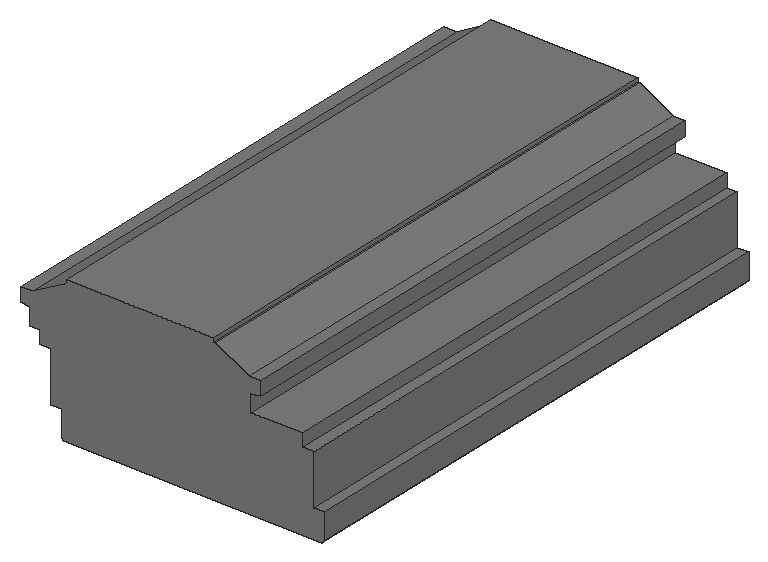
Revit family "HourdiBox PP Néo 120 Up 36 KW-1", category Equipement spécialisé, Revit 2016
Family settings
  Basée sur le plan de construction = Non
  Toujours verticalement = Oui
  Couper avec des vides une fois chargée = Non
  Partagée = Non
  Point de calcul de pièce = Non
Parameters (values of type "HourdiBox PP 120 Up 36")
  Up - SEAC GF 110 - SEAC GF 120 - SEAC GF 930 - SEAC GF 940 = 0.3600 W/(m·K)  # constant formula
  Up - RECTOR NR 130 = 0.3600 W/(m·K)  # constant formula
  Up - RECTOR NR 110 = 0.3500 W/(m·K)  # constant formula
  Up - LB7 - Série 1 = 0.3500 W/(m·K)  # constant formula
  Up - LB 7 - Série 2 = 0.3600 W/(m·K)  # constant formula
  Up - KP1 Leader 130 - KP1 Leader 140 = 0.3600 W/(m·K)  # constant formula
  Up - KP1 Leader 110 - KP1 Leader 115S - KP1 Leader x 110 = 0.3500 W/(m·K)  # constant formula
  Up - DURANDAL DF 110 - DURANDAL DF 130 - DURANDAL DF 140 = 0.3600 W/(m·K)  # constant formula
  URL = "http://www.isobox-isolation.fr/"
  Rp - SEAC GF 110 - SEAC GF 120 - SEAC GF 930 - SEAC GF 940 = 2.4500 (m²·K)/W  # constant formula
  Rp - RECTOR NR 110 = 2.5000 (m²·K)/W  # constant formula
  Rp - RECTOR NR 130 = 2.4000 (m²·K)/W  # constant formula
  Keynote = ""
  Model = "Entrevous 120 - UP 14 "  # constant formula
  Matériaux = Isolant PSE Entrevous
  Longueur = 1200 mm  # constant formula
  Largeur coupure 02 (base 10cm = 0) (par défaut) [instance] = 100 mm
  Largeur coupure 01 (base 10cm = 0) [instance] = 100 mm
  Longueur coupure (base 10cm = 0) [instance] = 100 mm
  Largeur = 688.5 mm  # constant formula
  Rp - LB7 - Série 1 = 2.5000 (m²·K)/W  # constant formula
  Rp - LB 7 - Série 2 = 2.4500 (m²·K)/W  # constant formula
  Rp - KP1 Leader 130 - KP1 Leader 140 = 2.4500 (m²·K)/W  # constant formula
  Rp - KP1 Leader 110 - KP1 Leader 115S - KP1 Leader x 110 = 2.5000 (m²·K)/W  # constant formula
  Fabricant = "Isobox"  # constant formula
  Epaisseur de languette = 45 mm  # constant formula
  Description = ""
  Rp - DURANDAL DF 110 - DURANDAL DF 130 - DURANDAL DF 140 = 2.4500 (m²·K)/W  # constant formula
  Coût = 0  # constant formula
Reference planes
  plane 1 "Centre (avant/arrière)": y = 0
  plane 2: z = 0
  plane 3 "Centre (gauche/droite)": x = 0
Forms (mm)
  Extrusion 1, solid, material "Isolant PSE Entrevous" <- "Matériaux"
    sketch origin (0, 0, 0) x (1, 0, 0) y (0, 0, 1)
      loop
        line (105.383, 0) -> (105.383, -9) -> (100.383, -9) -> (27.542, -50.647) -> (0, -50.647) -> (0, -82.012) -> (21.945, -84.319) -> (21.945, -122.995) -> (45, -122.995) -> (45, -152) -> (68.5, -152) -> (68.5, -266) -> (93.5, -266) -> (93.5, -325) -> (98.5, -330) -> (683.5, -330) -> (688.5, -325) -> (688.5, -266) -> (663.5, -266) -> (663.5, -152) -> (640, -152) -> (640, -123) -> (522.055, -123) -> (522.055, -84.319) -> (544, -82.012) -> (544, -50.647) -> (516.458, -50.647) -> (443.618, -9) -> (438.618, -9) -> (438.618, 0) -> (105.383, 0)
    from 0 to 1200
  Extrusion 2, void
    sketch origin (0, 0, 0) x (1, 0, 0) y (0, 1, 0)
      loop
        line (788.5, 0) -> (688.5, 0) -> (688.5, -1200) -> (788.5, -1200) -> (788.5, 0)
    from -330 to 0
  Extrusion 3, void
    sketch origin (0, 0, 0) x (1, 0, 0) y (0, 1, 0)
      loop
        line (0, -1200) -> (0, -1300) -> (688.5, -1300) -> (688.5, -1200) -> (0, -1200)
    from 0 to -330
  Extrusion 4, void
    sketch origin (-788.5, 0, 0) x (1, 0, 0) y (0, 1, 0)
      loop
        line (788.5, 0) -> (688.5, 0) -> (688.5, -1200) -> (788.5, -1200) -> (788.5, 0)
    from -330 to 0
Cuts and joins
  Extrusion 2, Extrusion 3, Extrusion 4 cuts Extrusion 1
Lines and regions (mm)
  reference lines
    curve 1: line (788.5, 160, 0) -> (788.5, -1440, 0)
    curve 2: line (-100, 0, 0) -> (-100, -1540, 0)
    curve 3: line (0, -1300, 0) -> (1520, -1300, 0)
Dimensions and locks
  locked: Extrusion 1 to Extrusion 1 at 688.5
  locked: Extrusion 1 to Extrusion 1 at 1200
  locked: Extrusion 1 to Extrusion 1 at 143
  "Largeur coupure 01 (base 10cm = 0)": Extrusion 2 to Extrusion 2
  locked: Extrusion 3 to Extrusion 3 at 688.5
  "Longueur coupure (base 10cm = 0)": Extrusion 3 to Extrusion 3
  "Largeur coupure 02 (base 10cm = 0) (par défaut)": Extrusion 4 to Extrusion 4
  cut or joined group of Extrusion 1, Extrusion 2, Extrusion 3, Extrusion 4 to cut or joined group of Extrusion 1, Extrusion 2, Extrusion 3, Extrusion 4 = 330 mm
  aligned and locked: level to plane 2
  aligned and locked: Extrusion 2 to curve 1
  aligned and locked: Extrusion 4 to curve 2
  aligned and locked: Extrusion 3 to curve 3
Automatic sketch dimensions
  Extrusion 1 sketch curve to plane 3 "Centre (gauche/droite)" = 0 mm
  Extrusion 1 sketch curve to level = 0 mm
  plane 3 "Centre (gauche/droite)" to Extrusion 1 sketch curve = 21.945 mm
  plane 3 "Centre (gauche/droite)" to Extrusion 1 sketch curve = 27.542 mm
  Extrusion 1 sketch curve to Extrusion 1 sketch curve = 23.055 mm
  plane 3 "Centre (gauche/droite)" to Extrusion 1 sketch curve = 68.5 mm
  Extrusion 1 sketch curve to Extrusion 1 sketch curve = 25 mm
  Extrusion 1 sketch curve to Extrusion 1 sketch curve = 5 mm  (x5)
  Extrusion 1 sketch curve to level = 9 mm  (x2)
  Extrusion 1 sketch curve to Extrusion 1 sketch curve = 72.84 mm  (x2)
  Extrusion 1 sketch curve to Extrusion 1 sketch curve = 333.235 mm
  Extrusion 1 sketch curve to Extrusion 1 sketch curve = 5.597 mm
  Extrusion 1 sketch curve to level = 82.012 mm
  Extrusion 1 sketch curve to Extrusion 1 sketch curve = 21.945 mm
  Extrusion 1 sketch curve to Extrusion 1 sketch curve = 96 mm
  Extrusion 1 sketch curve to Extrusion 1 sketch curve = 23.5 mm
  Extrusion 1 sketch curve to level = 330 mm
  Extrusion 1 sketch curve to Extrusion 1 sketch curve = 20 mm
  Extrusion 1 sketch curve to level = 325 mm
  Extrusion 1 sketch curve to Extrusion 1 sketch curve = 59 mm  (x2)
  Extrusion 1 sketch curve to Extrusion 1 sketch curve = 114 mm  (x2)
  Extrusion 1 sketch curve to Extrusion 1 sketch curve = 29 mm
  Extrusion 1 sketch curve to Extrusion 1 sketch curve = 29.005 mm
  Extrusion 1 sketch curve to Extrusion 1 sketch curve = 38.676 mm
  Extrusion 1 sketch curve to Extrusion 1 sketch curve = 2.307 mm  (x2)
  Extrusion 1 sketch curve to Extrusion 1 sketch curve = 33.672 mm  (x2)
  plane 1 "Centre (avant/arrière)" to Extrusion 2 sketch curve = 0 mm
  plane 3 "Centre (gauche/droite)" to Extrusion 2 sketch curve = 688.5 mm
  Extrusion 2 sketch curve to Extrusion 2 sketch curve = 100 mm
  plane 1 "Centre (avant/arrière)" to Extrusion 2 sketch curve = 1200 mm
  Extrusion 3 sketch curve to plane 3 "Centre (gauche/droite)" = 0 mm
  plane 3 "Centre (gauche/droite)" to Extrusion 3 sketch curve = 688.5 mm
  plane 1 "Centre (avant/arrière)" to Extrusion 3 sketch curve = 1300 mm
  Extrusion 3 sketch curve to Extrusion 3 sketch curve = 100 mm
  plane 1 "Centre (avant/arrière)" to Extrusion 4 sketch curve = 0 mm
  Extrusion 4 sketch curve to plane 3 "Centre (gauche/droite)" = 0 mm
  Extrusion 4 sketch curve to plane 3 "Centre (gauche/droite)" = 100 mm
  plane 1 "Centre (avant/arrière)" to Extrusion 4 sketch curve = 1200 mm
  plane 1 "Centre (avant/arrière)" to curve 2 = 0 mm
  curve 3 to plane 3 "Centre (gauche/droite)" = 0 mm
  curve 2 to plane 3 "Centre (gauche/droite)" = 100 mm
  plane 3 "Centre (gauche/droite)" to curve 1 = 788.5 mm
  curve 1 to curve 3 = 731.5 mm
  plane 1 "Centre (avant/arrière)" to curve 3 = 1300 mm
  curve 1 to curve 3 = 140 mm
  curve 2 to curve 3 = 240 mm
  curve 1 to plane 1 "Centre (avant/arrière)" = 160 mm
